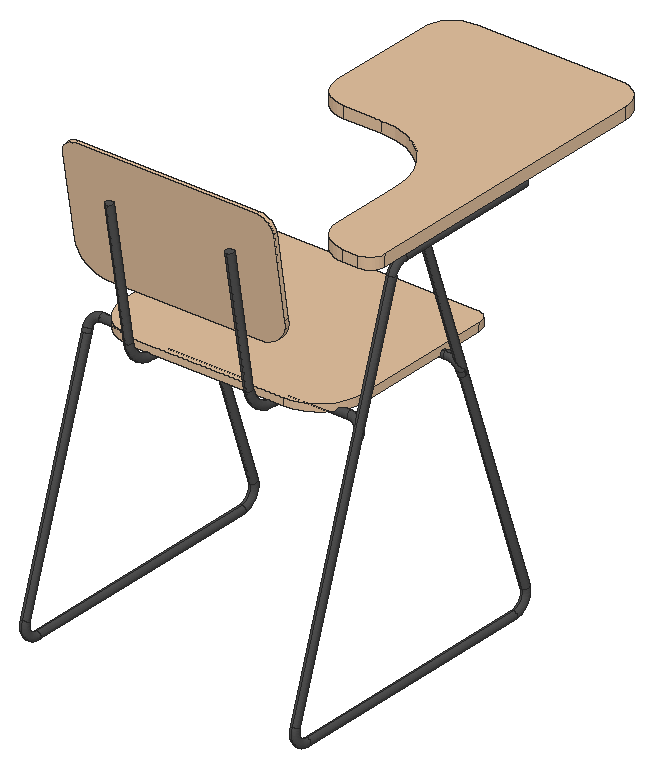
Revit family "0990af0bfad24418b00a41750c4bb05a", category Furniture, Revit 2025
Family settings
  Work Plane-Based = No
  Enable Cutting in Views = No
  Always vertical = Yes
  Cut with Voids When Loaded = No
  Render Appearance Source = Family Geometry
  Shared = Yes
  Room Calculation Point = No
Parameters (values of type "457x508x457mm")
  Material Seat = Wood - Cherry
  Material Tablet = Wood - Cherry
  Material Frame = Metal - Chrome
  Keynote = "N"
  Default Elevation = 0.00 mm
  Assembly Code = ""
Reference planes
  plane 1 "Center (Front/Back)": y = 108.931
  plane 2: z = 0
  plane 3 "Center (Left/Right)": x = -179.049
  plane 4: x = 49.551
  plane 5: x = -407.649
  plane 6: y = 7.331
  plane 7: y = 362.931
  plane 8: y = -145.069
  plane 9: y = 210.531
  plane 10: z = 781.05
  plane 11 "Seat": z = 444.5
  plane 12: z = 419.1
  plane 13: y = -1.503
  plane 14: y = 219.263
  plane 15: through (0, -129.809, 44.506) normal (0, -0.9459, 0.3243)
  plane 16: through (0, 324.756, 111.345) normal (0, -0.9459, -0.3243)
  plane 17: z = 419.1
  plane 18: y = 219.263
  plane 19: y = -1.4
  plane 20: through (0, 17.507, 3.087) normal (0, -0.9848, -0.1736)
  plane 21: z = 457.2
  plane 22: x = -77.449
  plane 23: x = -280.649
  plane 24: z = 704.85
  plane 25: z = 704.85
  plane 26: y = 583.081
  plane 27: x = 241.3
  plane 28: x = 342.9
  plane 29 "Table": z = 679.45
Forms (mm)
  Sweep 1, solid, material "Metal - Chrome" <- "Material Frame"
    path origin (49.551, 0, 0) x (0, -1, 0) y (0, 0, 1)
      loop
        line (-141.815, 650.785) -> (-351.192, 40.1)
        arc (-351.192, 40.1) -> (-347.907, 17.035) -> (-327.204, 6.35) r 25.4
        line (-327.204, 6.35) -> (109.341, 6.35)
        arc (109.341, 6.35) -> (130.01, 16.987) -> (133.368, 39.988) r 25.4
        line (133.368, 39.988) -> (-70.164, 633.623)
        arc (-70.164, 633.623) -> (-79.428, 646.054) -> (-94.191, 650.785) r 25.4
        line (-94.191, 650.785) -> (-350.656, 650.785)
    profile origin (49.551, 108.932, 0) x (0, 0, 1) y (-1, 0, 0)
      loop
        circle (6.35, 0) r 6.35
  Sweep 2, solid, material "Metal - Chrome" <- "Material Frame"
    path origin (-407.649, 0, 0) x (0, -1, 0) y (0, 0, 1)
      loop
        line (-219.242, 419.093) -> (-349.221, 39.988)
        arc (-349.221, 39.988) -> (-345.863, 16.987) -> (-325.194, 6.35) r 25.4
        line (-325.194, 6.35) -> (107.331, 6.35)
        arc (107.331, 6.35) -> (128, 16.987) -> (131.358, 39.988) r 25.4
        line (131.358, 39.988) -> (1.4, 419.034)
    profile origin (-407.649, 108.931, 0) x (0, 0, 1) y (-1, 0, 0)
      loop
        circle (6.35, 0) r 6.35
  Sweep 3, solid, material "Metal - Chrome" <- "Material Frame"
    path origin (0, -129.809, 44.506) x (0, -0.324324, -0.945946) y (1, 0, 0)
      loop
        line (-395.987, 49.551) -> (-402.695, 49.551)
        arc (-402.695, 49.551) -> (-416.165, 43.971) -> (-421.745, 30.501) r 19.05
        line (-421.745, 30.501) -> (-421.745, -388.599)
        arc (-421.745, -388.599) -> (-416.165, -402.07) -> (-402.695, -407.649) r 19.05
        line (-402.695, -407.649) -> (-395.929, -407.649)
    profile origin (-179.049, -129.809, 44.506) x (0, -0.324324, -0.945946) y (0, -0.945946, 0.324324)
      loop
        circle (-421.745, 0) r 6.35
  Sweep 4, solid, material "Metal - Chrome" <- "Material Frame"
    path origin (0, 324.756, 111.345) x (0, 0.324324, -0.945946) y (1, 0, 0)
      loop
        line (-325.363, 49.551) -> (-334.401, 49.551)
        arc (-334.401, 49.551) -> (-347.871, 43.971) -> (-353.451, 30.501) r 19.05
        line (-353.451, 30.501) -> (-353.451, -382.249)
        arc (-353.451, -382.249) -> (-346.011, -400.21) -> (-328.051, -407.649) r 25.4
        line (-328.051, -407.649) -> (-325.334, -407.649)
    profile origin (-175.874, 324.756, 111.345) x (0, 0.324324, -0.945946) y (0, -0.945946, -0.324324)
      loop
        circle (-353.451, 0) r 6.35
  Extrusion 5, solid, material "Wood - Cherry" <- "Material Seat"
    sketch origin (0, 17.507, 3.087) x (0, 0.173648, -0.984808) y (1, 0, 0)
      loop
        arc (-791.603, -331.449) -> (-784.164, -349.41) -> (-766.203, -356.849) r 25.4
        line (-766.203, -356.849) -> (-623.302, -356.849)
        arc (-623.302, -356.849) -> (-587.381, -341.97) -> (-572.502, -306.049) r 50.8
        line (-572.502, -306.049) -> (-572.502, -52.049)
        arc (-572.502, -52.049) -> (-587.381, -16.128) -> (-623.302, -1.249) r 50.8
        line (-623.302, -1.249) -> (-766.203, -1.249)
        arc (-766.203, -1.249) -> (-784.164, -8.689) -> (-791.603, -26.649) r 25.4
        line (-791.603, -26.649) -> (-791.603, -331.449)
    from 0 to -6.35
  Extrusion 6, solid, material "Wood - Cherry" <- "Material Seat"
    sketch origin (0, 0, 457.2) x (1, 0, 0) y (0, 1, 0)
      loop
        arc (-356.849, 312.131) -> (-374.81, 304.692) -> (-382.249, 286.731) r 25.4
        line (-382.249, 286.731) -> (-382.249, 45.431)
        arc (-382.249, 45.431) -> (-359.931, -8.45) -> (-306.049, -30.769) r 76.2
        line (-306.049, -30.769) -> (-52.049, -30.769)
        arc (-52.049, -30.769) -> (1.832, -8.45) -> (24.151, 45.431) r 76.2
        line (24.151, 45.431) -> (24.151, 286.731)
        arc (24.151, 286.731) -> (16.711, 304.692) -> (-1.249, 312.131) r 25.4
        line (-1.249, 312.131) -> (-356.849, 312.131)
    from -12.7 to 0
  Sweep 7, solid, material "Metal - Chrome" <- "Material Frame"
    path origin (-77.449, 0, 0) x (0, -1, 0) y (0, 0, 1)
      loop
        line (-213.266, 438.15) -> (23.028, 438.15)
        arc (23.028, 438.15) -> (55.681, 450.035) -> (73.056, 480.129) r 50.8
        line (73.056, 480.129) -> (112.68, 704.85)
    profile origin (-77.449, 95.119, 0) x (0, 0, 1) y (-1, 0, 0)
      loop
        circle (438.15, 0) r 6.35
  Sweep 8, solid, material "Metal - Chrome" <- "Material Frame"
    path origin (-280.649, 0, 0) x (0, -1, 0) y (0, 0, 1)
      loop
        line (-213.266, 438.15) -> (23.028, 438.15)
        arc (23.028, 438.15) -> (55.681, 450.035) -> (73.056, 480.129) r 50.8
        line (73.056, 480.129) -> (112.975, 706.519)
    profile origin (-280.649, 95.119, 0) x (0, 0, 1) y (-1, 0, 0)
      loop
        circle (438.15, 0) r 6.35
  Extrusion 9, solid, material "Wood - Cherry" <- "Material Tablet"
    sketch origin (-284.309, 20.031, 0) x (1, 0, 0) y (0, 1, 0)
      loop
        arc (50.8, 583.081) -> (14.879, 568.202) -> (0, 532.281) r 50.8
        line (0, 532.281) -> (0, 353.246)
        arc (0, 353.246) -> (14.879, 317.325) -> (50.8, 302.446) r 50.8
        line (50.8, 302.446) -> (114.3, 302.446)
        arc (114.3, 302.446) -> (204.103, 265.249) -> (241.3, 175.446) r 127
        line (241.3, 175.446) -> (241.3, 50.8)
        arc (241.3, 50.8) -> (256.179, 14.879) -> (292.1, 0) r 50.8
        line (292.1, 0) -> (317.5, 0)
        arc (317.5, 0) -> (335.461, 7.439) -> (342.9, 25.4) r 25.4
        line (342.9, 25.4) -> (342.9, 532.281)
        arc (342.9, 532.281) -> (328.021, 568.202) -> (292.1, 583.081) r 50.8
        line (292.1, 583.081) -> (50.8, 583.081)
    from 660.4 to 679.45
Cuts and joins
  joined: Sweep 1, Sweep 2, Sweep 3, Sweep 4, Sweep 7, Sweep 8
Lines and regions (mm)
  Masking region 1
    outline origin (0, 0, 679.45) x (0, 1, 0) y (-1, 0, 0)
      loop
        line (552.312, 284.309) -> (373.278, 284.309)
        arc (373.278, 284.309) -> (337.357, 269.43) -> (322.478, 233.509) r 50.8
        line (322.478, 233.509) -> (322.478, 170.009)
        arc (322.478, 170.009) -> (285.28, 80.206) -> (195.478, 43.009) r 127
        line (195.478, 43.009) -> (70.831, 43.009)
        arc (70.831, 43.009) -> (34.91, 28.13) -> (20.031, -7.791) r 50.8
        line (20.031, -7.791) -> (20.031, -33.191)
        arc (20.031, -33.191) -> (27.471, -51.152) -> (45.431, -58.591) r 25.4
        line (45.431, -58.591) -> (552.312, -58.591)
        arc (552.312, -58.591) -> (588.233, -43.712) -> (603.112, -7.791) r 50.8
        line (603.112, -7.791) -> (603.112, 233.509)
        arc (603.112, 233.509) -> (588.233, 269.43) -> (552.312, 284.309) r 50.8
  Masking region 2
    outline origin (0, 0, 444.5) x (1, 0, 0) y (0, 1, 0)
      loop
        arc (-382.249, 45.431) -> (-359.931, -8.45) -> (-306.049, -30.769) r 76.2
        line (-306.049, -30.769) -> (-52.049, -30.769)
        arc (-52.049, -30.769) -> (-8.055, -16.786) -> (19.793, 20.031) r 76.2
        line (19.793, 20.031) -> (7.791, 20.031)
        arc (7.791, 20.031) -> (-28.13, 34.91) -> (-43.009, 70.831) r 50.8
        line (-43.009, 70.831) -> (-43.009, 195.478)
        arc (-43.009, 195.478) -> (-63.93, 265.308) -> (-119.8, 312.131) r 127
        line (-119.8, 312.131) -> (-356.849, 312.131)
        arc (-356.849, 312.131) -> (-374.81, 304.692) -> (-382.249, 286.731) r 25.4
        line (-382.249, 286.731) -> (-382.249, 45.431)
  Masking region 3
    outline origin (0, 0, 444.5) x (1, 0, 0) y (0, 1, 0)
      loop
        arc (-344.149, -71.448) -> (-353.129, -75.168) -> (-356.849, -84.148) r 12.7
        line (-356.849, -84.148) -> (-356.849, -113.588)
        arc (-356.849, -113.588) -> (-353.129, -122.569) -> (-344.149, -126.288) r 12.7
        line (-344.149, -126.288) -> (-13.949, -126.288)
        arc (-13.949, -126.288) -> (-4.969, -122.569) -> (-1.249, -113.588) r 12.7
        line (-1.249, -113.588) -> (-1.249, -84.148)
        arc (-1.249, -84.148) -> (-4.969, -75.168) -> (-13.949, -71.448) r 12.7
        line (-13.949, -71.448) -> (-66.859, -71.448) -> (-66.859, -30.769) -> (-84.76, -30.769) -> (-84.76, -71.448) -> (-272.718, -71.448) -> (-272.718, -30.769) -> (-290.977, -30.769) -> (-290.977, -71.448) -> (-344.149, -71.448)
  Masking region 4
    outline origin (0, 0, 444.5) x (1, 0, 0) y (0, 1, 0)
      loop
        line (-416.585, 353.381) -> (-416.585, -134.467) -> (-401.299, -134.467) -> (-401.299, 45.431) -> (-382.249, 45.431) -> (-382.249, 62.444) -> (-401.299, 62.444) -> (-401.299, 203.325) -> (-382.249, 203.325) -> (-382.249, 218.361) -> (-401.299, 218.361) -> (-401.299, 353.381) -> (-416.585, 353.381)
      loop
        arc (58.591, 45.431) -> (54.397, 31.451) -> (43.201, 22.087) r 25.4
        line (43.201, 22.087) -> (43.201, -134.467) -> (58.591, -134.467) -> (58.591, 45.431)
  symbolic lines, not visible
    curve 1: line (-356.849, 312.131, 0) -> (-119.8, 312.131, 0)
    curve 2: line (-382.249, 286.731, 0) -> (-382.249, 45.431, 0)
    curve 3: line (-306.049, -30.769, 0) -> (-52.049, -30.769, 0)
    curve 4: arc (-356.849, 312.131, 0) -> (-374.81, 304.692, 0) -> (-382.249, 286.731, 0) r 25.4
    curve 5: arc (-306.049, -30.769, 0) -> (-359.931, -8.45, 0) -> (-382.249, 45.431, 0) r 76.2
    curve 6: line (-344.149, -71.448, 0) -> (-13.949, -71.448, 0)
    curve 7: line (-356.849, -84.148, 0) -> (-356.849, -113.588, 0)
    curve 8: line (-344.149, -126.288, 0) -> (-13.949, -126.288, 0)
    curve 9: line (-1.249, -84.148, 0) -> (-1.249, -113.588, 0)
    curve 10: arc (-344.149, -71.448, 0) -> (-353.129, -75.168, 0) -> (-356.849, -84.148, 0) r 12.7
    curve 11: arc (-344.149, -126.288, 0) -> (-353.129, -122.569, 0) -> (-356.849, -113.588, 0) r 12.7
    curve 12: arc (-13.949, -71.448, 0) -> (-4.969, -75.168, 0) -> (-1.249, -84.148, 0) r 12.7
    curve 13: arc (-1.249, -113.588, 0) -> (-4.969, -122.569, 0) -> (-13.949, -126.288, 0) r 12.7
    curve 14: line (-290.977, -30.769, 0) -> (-272.718, -30.769, 0)
    curve 15: line (-290.977, -30.769, 0) -> (-290.977, -75.653, 0)
    curve 16: line (-290.977, -75.653, 0) -> (-272.718, -75.653, 0)
    curve 17: line (-272.718, -30.769, 0) -> (-272.718, -75.653, 0)
    curve 18: line (-66.859, -30.769, 0) -> (-84.76, -30.769, 0)
    curve 19: line (-66.859, -30.769, 0) -> (-66.859, -75.653, 0)
    curve 20: line (-66.859, -75.653, 0) -> (-84.76, -75.653, 0)
    curve 21: line (-84.76, -30.769, 0) -> (-84.76, -75.653, 0)
    curve 22: line (-382.249, 203.325, 0) -> (-401.299, 203.325, 0)
    curve 23: line (-382.249, 203.325, 0) -> (-382.249, 218.361, 0)
    curve 24: line (-382.249, 218.361, 0) -> (-401.299, 218.361, 0)
    curve 25: line (-401.299, 203.325, 0) -> (-401.299, 218.361, 0)
    curve 26: line (-382.249, 45.431, 0) -> (-401.299, 45.431, 0)
    curve 27: line (-382.249, 45.431, 0) -> (-382.249, 62.444, 0)
    curve 28: line (-382.249, 62.444, 0) -> (-401.299, 62.444, 0)
    curve 29: line (-401.299, 45.431, 0) -> (-401.299, 62.444, 0)
    curve 30: line (-416.585, -134.467, 0) -> (-401.299, -134.467, 0)
    curve 31: line (-416.585, 353.381, 0) -> (-416.585, -134.467, 0)
    curve 32: line (-401.299, 353.381, 0) -> (-416.585, 353.381, 0)
    curve 33: line (-401.299, -134.467, 0) -> (-401.299, 353.381, 0)
    curve 34: line (58.591, -134.467, 0) -> (43.201, -134.467, 0)
    curve 35: line (58.591, 552.312, 0) -> (58.591, -134.467, 0)
    curve 36: line (43.201, -134.467, 0) -> (43.201, 22.087, 0)
    curve 37: line (7.791, 603.112, 0) -> (-233.509, 603.112, 0)
    curve 38: arc (7.791, 603.112, 0) -> (43.712, 588.233, 0) -> (58.591, 552.312, 0) r 50.8
    curve 39: arc (-284.309, 552.312, 0) -> (-269.43, 588.233, 0) -> (-233.509, 603.112, 0) r 50.8
    curve 40: line (-284.309, 552.312, 0) -> (-284.309, 373.278, 0)
    curve 41: arc (-284.309, 373.278, 0) -> (-269.43, 337.357, 0) -> (-233.509, 322.478, 0) r 50.8
    curve 42: line (-233.509, 322.478, 0) -> (-170.009, 322.478, 0)
    curve 43: arc (-170.009, 322.478, 0) -> (-80.206, 285.28, 0) -> (-43.009, 195.478, 0) r 127
    curve 44: line (-43.009, 195.478, 0) -> (-43.009, 70.831, 0)
    curve 45: line (7.791, 20.031, 0) -> (33.191, 20.031, 0)
    curve 46: arc (33.191, 20.031, 0) -> (51.152, 27.471, 0) -> (58.591, 45.431, 0) r 25.4
    curve 47: arc (-43.009, 70.831, 0) -> (-28.13, 34.91, 0) -> (7.791, 20.031, 0) r 50.8
    curve 48: arc (19.363, 18.847, 0) -> (-8.571, -17.147, 0) -> (-52.049, -30.769, 0) r 76.2
  symbolic lines
    curve 49: line (-290.977, -71.448, 444.5) -> (-272.718, -71.448, 444.5)
    curve 50: line (-84.76, -71.448, 444.5) -> (-66.859, -71.448, 444.5)
Dimensions and locks
  equal spacing: plane 5, plane 3 "Center (Left/Right)", plane 4
  locked: plane 5 to plane 4 at 457.2
  equal spacing: plane 8, plane 1 "Center (Front/Back)", plane 7
  locked: plane 8 to plane 7 at 508
  aligned and locked: Masking region 1 sketch curve to Extrusion 9  (x6)
  aligned and locked: Masking region 2 sketch curve to curve 4
  aligned and locked: Masking region 2 sketch curve to Extrusion 6  (x2)
  aligned and locked: Extrusion 9 to Masking region 2 sketch curve
  aligned and locked: Masking region 2 sketch curve to Extrusion 9  (x2)
  aligned and locked: Masking region 3 sketch curve to curve 12
  aligned and locked: Masking region 3 sketch curve to curve 13
  aligned and locked: Masking region 3 sketch curve to curve 11
  aligned and locked: Masking region 3 sketch curve to curve 10
  aligned and locked: Masking region 4 sketch curve to curve 31
  aligned and locked: Masking region 4 sketch curve to curve 30
  aligned and locked: Masking region 4 sketch curve to curve 33
  aligned and locked: Masking region 4 sketch curve to curve 32
  aligned and locked: curve 35 to Masking region 4 sketch curve
  aligned and locked: Masking region 4 sketch curve to curve 34
  aligned and locked: Masking region 4 sketch curve to curve 36
  aligned and locked: Masking region 4 sketch curve to Extrusion 9
  aligned and locked: Masking region 4 sketch curve to curve 24
  aligned and locked: Masking region 4 sketch curve to curve 22
  aligned and locked: Masking region 4 sketch curve to Extrusion 6
  aligned and locked: Masking region 4 sketch curve to curve 28
  aligned and locked: Masking region 4 sketch curve to curve 26
  aligned and locked: Masking region 3 sketch curve to curve 15
  aligned and locked: Masking region 3 sketch curve to curve 17
  aligned and locked: Masking region 3 sketch curve to curve 21
  aligned and locked: Masking region 3 sketch curve to curve 19
  aligned and locked: Extrusion 6 to Masking region 3 sketch curve
  aligned and locked: plane 29 "Table" to Extrusion 9
Automatic sketch dimensions
  plane 23 to curve 41 = 3.66 mm
  plane 23 to curve 40 = 3.66 mm
  curve 39 to curve 40 = 0.00 mm  (x2)
  curve 41 to plane 23 = 47.14 mm
  curve 42 to curve 41 = 0.00 mm
  curve 39 to plane 23 = 47.14 mm
  curve 37 to curve 39 = 0.00 mm  (x2)
  plane 3 "Center (Left/Right)" to curve 42 = 9.04 mm
  curve 43 to curve 42 = 0.00 mm
  plane 9 to curve 43 = 15.054 mm
  curve 43 to plane 22 = 34.44 mm
  curve 44 to curve 43 = 0.00 mm  (x2)
  plane 4 to curve 38 = 41.76 mm
  curve 37 to curve 38 = 0.00 mm
  curve 45 to plane 6 = 12.70 mm
  plane 4 to curve 45 = 41.76 mm
  plane 4 to curve 45 = 16.36 mm
  curve 38 to plane 4 = 9.04 mm
  plane 1 "Center (Front/Back)" to curve 44 = 38.10 mm
  curve 42 to curve 43 = 0.00 mm
  curve 41 to curve 42 = 0.00 mm
  curve 40 to curve 41 = 0.00 mm
  curve 40 to curve 40 = 179.035 mm
  curve 38 to plane 7 = 189.381 mm
  plane 7 to Masking region 4 sketch curve = 317.50 mm
  Masking region 4 sketch curve to plane 5 = 6.35 mm  (x2)
  Masking region 4 sketch curve to Masking region 4 sketch curve = 19.05 mm
  Masking region 3 sketch curve to Masking region 3 sketch curve = 0.00 mm
  plane 6 to Masking region 3 sketch curve = 38.10 mm
  plane 23 to curve 49 = 10.328 mm
  curve 49 to plane 23 = 7.931 mm
  plane 22 to curve 50 = 7.311 mm
  curve 50 to plane 22 = 10.59 mm
  curve 49 to plane 8 = 73.62 mm
  curve 50 to plane 8 = 73.62 mm
  plane 5 to curve 31 = 8.936 mm
  curve 28 to plane 5 = 6.35 mm
  curve 33 to plane 5 = 6.35 mm
  curve 22 to plane 5 = 6.35 mm
  plane 9 to curve 23 = 7.206 mm
  curve 22 to curve 23 = 19.05 mm
  curve 26 to curve 26 = 19.05 mm
  curve 2 to curve 4 = 25.40 mm
  curve 7 to plane 5 = 50.80 mm
  curve 11 to curve 8 = 12.70 mm
  curve 10 to curve 6 = 12.70 mm
  plane 23 to curve 3 = 25.40 mm
  plane 23 to curve 16 = 10.328 mm
  curve 17 to plane 23 = 7.931 mm
  plane 22 to curve 18 = 7.311 mm
  curve 19 to plane 22 = 10.59 mm
  curve 48 to plane 22 = 25.40 mm
  curve 19 to curve 12 = 52.91 mm
  curve 13 to curve 12 = 0.00 mm
  curve 13 to curve 9 = 12.70 mm
  plane 4 to curve 47 = 41.76 mm
  plane 4 to curve 46 = 16.36 mm
  plane 4 to curve 36 = 6.35 mm
  curve 35 to plane 4 = 9.04 mm
  plane 1 "Center (Front/Back)" to curve 47 = 38.10 mm
  plane 1 "Center (Front/Back)" to curve 28 = 46.487 mm
  curve 5 to plane 6 = 38.10 mm
  curve 46 to curve 47 = 25.40 mm
  curve 48 to curve 47 = 25.40 mm
  curve 21 to curve 3 = 0.00 mm
  curve 3 to curve 14 = 0.00 mm
  curve 6 to curve 3 = 40.68 mm
  curve 21 to curve 18 = 44.885 mm
  curve 16 to curve 14 = 44.885 mm
  curve 11 to curve 10 = 29.44 mm
  curve 33 to plane 8 = 10.601 mm
  curve 34 to plane 8 = 10.601 mm
  curve 24 to plane 9 = 7.83 mm
  curve 23 to curve 4 = 68.37 mm
  plane 7 to curve 32 = 9.551 mm
  plane 22 to curve 1 = 42.351 mm
  curve 48 to curve 47 = 9.04 mm
  curve 48 to plane 6 = 11.515 mm
  curve 35 to plane 7 = 189.381 mm
